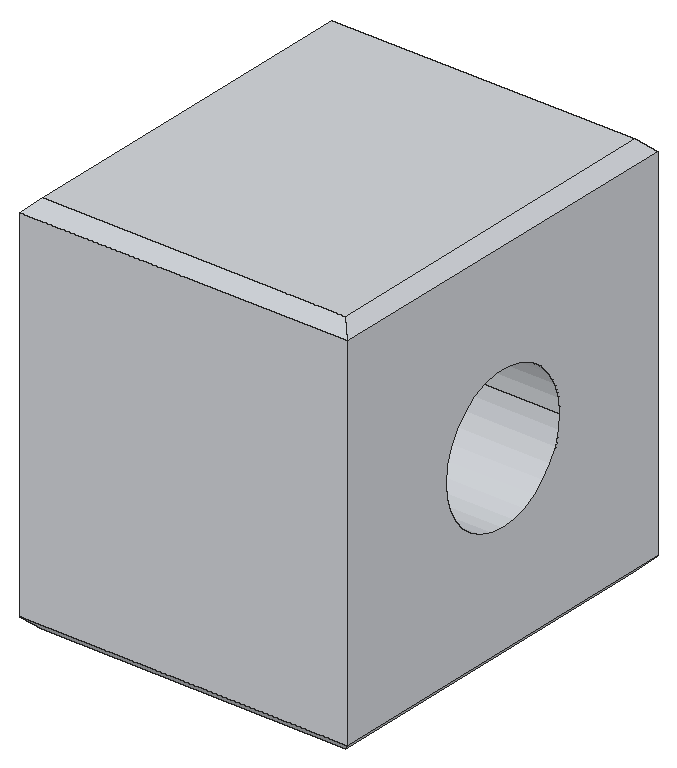
Revit family "BKEF-R-", category Mechanical Equipment, Revit 2019
Family settings
  Round Connector Dimension = Use Diameter
  Part Type = Breaks Into
  OmniClass Number = 23.75.00.00
  OmniClass Title = Climate Control (HVAC)
  Work Plane-Based = No
  Always vertical = Yes
  Cut with Voids When Loaded = No
  Shared = No
  Room Calculation Point = No
Parameters (values of type "BKEF-R 560M")
  Weight = 95.00 kg
  Voltage = 230 V
  URL = "http://www.bahcivanmotor.com.tr/index.php"
  Speed ( d/d ) = 1420
  Sound Pressure Level dB(A) = 55
  RD = A / 3  # 271 mm
  R = 150 mm
  Protection Class = 55
  Power = 2200 W
  Model = "BKEF-R"
  Material = none
  Manufacturer = "Bahçıvan Elektrik Motor San. ve Tic. Ltd. Şti."
  Insulation Class = "F"
  Frequency = 50 Hz
  Description = "Duct Fan"
  D = 2 * R + 50 mm  # 350 mm
  Capacitor = 50
  C = 733 mm
  B = 690 mm
  Air Flow = 10800.0 m³/h
  Current = 14.2 A
  A = 813 mm
Types (8, lengths in mm): name | Weight | Voltage | Speed ( d/d ) | Sound Pressure Level dB(A) | RD | Power | Capacitor | C | B | Air Flow | Current | A
  BKEF-R 400M | 52.00 kg | 230 V | 1390 | 45 | 227.667 | 370 W | 15 | 603 | 556 | 4100.0 m³/h | 3.4 A | 683
  BKEF-R 450M | 65.00 kg | 230 V | 1365 | 48 | 227.667 | 550 W | 20 | 603 | 572 | 5400.0 m³/h | 4.5 A | 683
  BKEF-R 500M | 77.00 kg | 230 V | 1410 | 52 | 227.667 | 1100 W | 35 | 603 | 623 | 8200.0 m³/h | 7.5 A | 683
  BKEF-R 560M | 95.00 kg | 230 V | 1420 | 55 | 271 | 2200 W | 50 | 733 | 690 | 10800.0 m³/h | 14.2 A | 813
  BKEF-R 400T | 52.00 kg | 380 V | 1390 | 45 | 227.667 | 370 W | 0 | 603 | 556 | 4100.0 m³/h | 1.2 A | 683
  BKEF-R 450T | 65.00 kg | 380 V | 1365 | 48 | 227.667 | 550 W | 0 | 603 | 572 | 5400.0 m³/h | 1.6 A | 683
  BKEF-R 500T | 77.00 kg | 380 V | 1410 | 52 | 227.667 | 1100 W | 0 | 603 | 623 | 8200.0 m³/h | 2.6 A | 683
  BKEF-R 560T | 95.00 kg | 380 V | 1420 | 55 | 271 | 2200 W | 0 | 733 | 690 | 10800.0 m³/h | 4.9 A | 813
Reference planes
  plane 1 "Center (Front/Back)": y = 0
  plane 2: z = 0
  plane 3 "Center (Left/Right)": x = 0
  plane 4: z = 813
  plane 5: x = -345
  plane 6: x = 345
  plane 7: y = 406.5
  plane 8: y = -406.5
  plane 9: y = 366.5
  plane 10: y = -366.5
  plane 11: z = 773
  plane 12: z = 40
  plane 13: z = 406.5
  plane 14: x = 24
  plane 15: x = 74
  plane 16: x = -295
Forms (mm)
  Extrusion 1, solid
    sketch origin (0, 0, 0) x (1, 0, 0) y (0, 1, 0)
      loop
        line (-345, 406.5) -> (-345, -406.5) -> (345, -406.5) -> (345, 406.5) -> (-345, 406.5)
    from 0 to 813
  Extrusion 2, void
    sketch origin (650, 841.548, 5.735) x (0, -1, 0) y (0, 0, -1)
      loop
        circle (841.548, -400.765) r 150
    from -305 to -576
  Extrusion 3, void
    sketch origin (345, 406.5, 0) x (0, -1, 0) y (0, 0, -1)
      loop
        line (40, -773) -> (773, -773) -> (773, -40) -> (40, -40) -> (40, -773)
    from -690 to -640
  Extrusion 4, void
    sketch origin (74, 841.548, 5.735) x (0, 1, 0) y (0, 0, -1)
      loop
        line (-666.548, -575.765) -> (-666.548, -225.765) -> (-1016.548, -225.765) -> (-1016.548, -575.765) -> (-666.548, -575.765)
    from 0 to 50
  Blend 5, void
    base sketch origin (24, 841.548, 5.735) x (0, 1, 0) y (0, 0, -1)
      loop
        line (-666.548, -575.765) -> (-666.548, -225.765) -> (-1016.548, -225.765) -> (-1016.548, -575.765) -> (-666.548, -575.765)
    top sketch origin (-295, 406.5, 0) x (0, -1, 0) y (0, 0, -1)
      loop
        line (40, -773) -> (773, -773) -> (773, -40) -> (40, -40) -> (40, -773)
    from 0 to 0
  Extrusion 6, solid
    sketch origin (-345, -406.5, 0) x (0, 1, 0) y (0, 0, -1)
      loop
        line (773, -773) -> (773, -40) -> (40, -40) -> (40, -773) -> (773, -773)
    from -50 to 0
  Sweep 7, void
    path in 3D
      loop
        line (-345, 406.5, 813) -> (-345, -406.5, 813) -> (345, -406.5, 813) -> (345, 406.5, 813) -> (-345, 406.5, 813)
    profile origin (0, 406.5, 813) x (0, -1, 0) y (0, 0, 1)
      loop
        line (0, 0) -> (0, -25.8) -> (25.8, 0) -> (0, 0)
  Sweep 8, void
    path in 3D
      loop
        line (-345, -406.5, 0) -> (-345, 406.5, 0) -> (345, 406.5, 0) -> (345, -406.5, 0) -> (-345, -406.5, 0)
    profile origin (0, -406.5, 0) x (0, 1, 0) y (0, 0, -1)
      loop
        line (0, 0) -> (0, -24.907) -> (24.907, 0) -> (0, 0)
Cuts and joins
  Extrusion 2, Extrusion 3, Extrusion 4, Blend 5, Sweep 7, Sweep 8 cuts Extrusion 1
Lines and regions (mm)
  model lines
    curve 1: line (-345, 406.5, 813) -> (-345, -406.5, 813)
    curve 2: line (-345, -406.5, 813) -> (345, -406.5, 813)
    curve 3: line (345, -406.5, 813) -> (345, 406.5, 813)
    curve 4: line (345, 406.5, 813) -> (-345, 406.5, 813)
  sketch lines
    curve 5: line (345, 406.5, 813) -> (-345, 406.5, 813)
    curve 6: line (345, -406.5, 813) -> (345, 406.5, 813)
    curve 7: line (-345, -406.5, 813) -> (345, -406.5, 813)
    curve 8: line (-345, 406.5, 813) -> (-345, -406.5, 813)
    curve 9: line (345, -406.5, 0) -> (-345, -406.5, 0)
    curve 10: line (345, 406.5, 0) -> (345, -406.5, 0)
    curve 11: line (-345, 406.5, 0) -> (345, 406.5, 0)
    curve 12: line (-345, -406.5, 0) -> (-345, 406.5, 0)
Dimensions and locks
  equal spacing: plane 5, plane 3 "Center (Left/Right)", plane 6
  equal spacing: plane 7, plane 1 "Center (Front/Back)", plane 8
  "A": plane 7 to plane 8
  "B": plane 5 to plane 6
  "A": plane 4 to plane 2
  equal spacing: plane 9, plane 1 "Center (Front/Back)", plane 10
  "C": plane 9 to plane 10
  equal spacing: plane 11, plane 13, plane 12
  "C": plane 11 to plane 12
  equal spacing: plane 4, plane 13, level
  locked: Extrusion 2 sketch curve to plane 13 at 0
  locked: plane 1 "Center (Front/Back)" to Extrusion 2 sketch curve
  equal spacing: Extrusion 4 sketch curve, plane 13, Extrusion 4 sketch curve
  equal spacing: Extrusion 4 sketch curve, plane 1 "Center (Front/Back)", Extrusion 4 sketch curve
  "D": Extrusion 4 sketch curve to Extrusion 4 sketch curve  (x2)
  locked: plane 5 to plane 16 at 50
  locked: plane 14 to plane 15 at 50
  "RD": plane 15 to plane 6
  radius of cut or joined group of Extrusion 1, Extrusion 2, Extrusion 3, Extrusion 4, Blend 5, Sweep 7, Sweep 8 = 150 mm
  aligned and locked: level to plane 2
  aligned and locked: Extrusion 1 sketch curve to plane 7
  aligned and locked: Extrusion 1 sketch curve to plane 6
  aligned and locked: plane 8 to Extrusion 1 sketch curve
  aligned and locked: plane 5 to Extrusion 1 sketch curve
  aligned and locked: Extrusion 1 to level
  aligned and locked: plane 4 to Extrusion 1
  aligned and locked: Extrusion 1 to Extrusion 3
  aligned and locked: plane 11 to Extrusion 3
  aligned and locked: Extrusion 3 to plane 10
  aligned and locked: Extrusion 3 to plane 9
  aligned and locked: Extrusion 3 to plane 12
  aligned and locked: Blend 5 to Extrusion 3
  aligned and locked: Blend 5 to Extrusion 4
  aligned and locked: plane 15 to Extrusion 2
  aligned and locked: plane 16 to Extrusion 3
  aligned and locked: plane 14 to Extrusion 4
  aligned and locked: cut or joined group of Extrusion 1, Extrusion 2, Extrusion 3, Extrusion 4, Blend 5, Sweep 7, Sweep 8 to Extrusion 6  (x4)
  aligned and locked: plane 6 to Extrusion 2
  aligned and locked: Extrusion 6 to cut or joined group of Extrusion 1, Extrusion 2, Extrusion 3, Extrusion 4, Blend 5, Sweep 7, Sweep 8
Automatic sketch dimensions
  Extrusion 1 to Extrusion 3 sketch curve = 40 mm  (x2)
  Extrusion 1 to Extrusion 3 sketch curve = 773 mm  (x2)
  Extrusion 4 to Blend 5 sketch curve = 0 mm
  Blend 5 sketch curve to Extrusion 4 = 0 mm  (x3)
  Blend 5 sketch curve to Extrusion 3 = 0 mm  (x3)
  Extrusion 3 to Blend 5 sketch curve = 0 mm
  Extrusion 6 sketch curve to Extrusion 1 = 40 mm
  Extrusion 1 to Extrusion 6 sketch curve = 40 mm  (x3)
  curve 1 to Extrusion 1 = 0 mm  (x2)
  Extrusion 1 to curve 2 = 0 mm
  curve 2 to Extrusion 1 = 0 mm
  Sweep 8 sketch curve to profile plane = 0 mm
  profile plane to Sweep 8 sketch curve = 0 mm
  Sweep 8 sketch curve to profile plane = 24.907 mm  (x2)
  Sweep 7 sketch curve to profile plane = 0 mm  (x2)
  Sweep 7 sketch curve to profile plane = 25.8 mm  (x2)
  radius of Extrusion 2 sketch curve = 150 mm
Connectors
  hvac at (-345, 0, 406.5), driven by "C", driven by "C", driven by "Air Flow"
    settings: on cut or joined group of Extrusion 1, Extrusion 2, Extrusion 3, Extrusion 4, Blend 5, Sweep 7, Sweep 8, index 1, duct flow 10800.0 m³/h, flow factor 0, pres drop 0.0 Pa, loss coef 0, conn angle 0.00°, conn width 733 mm, conn height 733 mm, conn diameter 609.6 mm, duct sys type 1, conn prof type 1, flow config 0, flow direction 0, loss method 0, conn ref index -1, conn util no, is conn primary yes, conn desc ""
